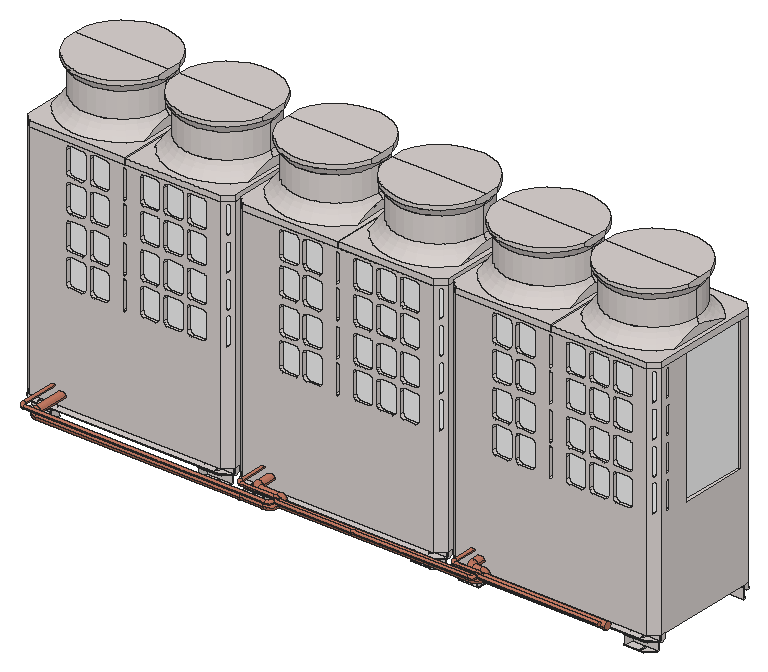
Revit family "PUHY-P1150YSNW-A1", category 機械設備, Revit 2016
Family settings
  パーツ タイプ = 標準
  丸型コネクタ寸法 = 半径を使用
  OmniClass 番号 = 23.75.00.00
  OmniClass タイトル = Climate Control (HVAC)
  作業面に基づく = いいえ
  常に垂直 = はい
  ロード時にボイドで切り取り = いいえ
  共有 = いいえ
  部屋の計算ポイント = いいえ
Parameters (values of type "PUHY-P1150YSNW-A1_415V_60Hz")
  モデル = "PUHY-P1150YSNW-A1"
  Width = 3780.000 mm
  WarrantyStart = ""
  Voltage = 415 V
  Unit Weight (kg) = 831
  URL = "http://www.mitsubishielectric.com/"
  Temp. range of heating (Outdoor temp.) (W.B.) = "-20.0 to 15.5"
  Temp. range of heating (Indoor temp.) (D.B.) = "15.0 to 27.0"
  Temp. range of cooling (Outdoor temp.) (D.B.) = "-5.0 to 52.0"
  Temp. range of cooling (Indoor temp.) (W.B.) = "15.0 to 24.0"
  TagNumber = 0
  Subcategory = "HVAC"
  Space View = yes
  Sound Pressure Level (dB(A)) Heating mode = 71
  Sound Pressure Level (dB(A)) Cooling mode = 69
  SerialNumber = 0
  ReplacementYear = ""
  Refrigerant type = "R410A"
  Refrigerant Charge (kg) = 29.4
  Protection Devices_Inverter circuit (COMP./FAN) = "Over-current protection"
  Protection Devices_High pressure (MPa) = "High pressure sensor, High pressure switch at 4.15"
  Phase = 3
  製造元 = "Mitsubishi Electric Corporation"
  Outdoor unit 3 Breaker size (A) = 40
  Outdoor unit 3 = PUHY-P350YNW-A1 : PUHY-P350YNW-A1
  Outdoor unit 2 Breaker size (A) = 60
  Outdoor unit 2 = PUHY-P400YNW-A1 : PUHY-P400YNW-A1
  Outdoor unit 1 Breaker size (A) = 60
  Outdoor unit 1 = PUHY-P400YNW-A1 : PUHY-P400YNW-A1
  Note_1 = "Refrigerant pipe diameters may change depending on the installation condition. Please refer to the installation manual."
  Maximum Circuit Ampacity (A) = 90.2
  Liquid pipe_radius = 9.525 mm
  InstallationDate = ""
  Indoor Unit Total Capacity = "50 to 130% of outdoor unit capacity"
  Indoor Unit Model/Quantity = "P10 to P250/3 to 50"
  Hertz = 60 Hz
  Height = 1858.000 mm
  Heating SCOP (kW/kW) = 4.03
  Heating Rated Load Ampacity (A) = 56
  Heating Power Input (kW) = 36.25
  Heating Power Input (Nominal) (kW) = 30.51
  Heating Current Input (Nominal) (A) = 47.1
  Heating Current Input (A) = 56
  Heating Capacity (kW) = 145
  Heating Capacity (Nominal) (kW) = 130
  Heating COP (kW/kW) = 4
  Heating COP (Nominal) (kW/kW) = 4.26
  Gas pipe_radius = 20.640 mm
  Fan_Type = "Propeller Fan"
  Fan_Quantity = 6
  Fan Motor Output (kW) = 2.76
  External static pressure (Pa) = 0
  External Finish = "Pre-coated galvanized steel sheets (+powder coating for -BS type) <MUNSELL 3Y 7.8/1.1 or similar>"
  Equip_description = ""
  Equip_No. = 0
  Equip_ID = ""
  Description = ""
  Depth = 740.000 mm
  CreatedOn = ""
  CreatedBy = ""
  Cooling SEER (kW/kW) = 6.38
  Cooling Rated Load Ampacity (A) = 62.5
  Cooling Power Input (kW) = 40.49
  Cooling EER (kW/kW) = 3.21
  Cooling Current Input (A) = 62.5
  Cooling Capacity (kW) = 130
  Compressor_Type = "Inverter scroll hermetic compressor"
  Compressor_Quantity = 3
  Compressor_Lubricant = "MEL32"
  Compressor Motor Output (kW) = 31.4
  Category = ""
  Barcode = ""
  AssetIdentifier = ""
  Airflow Rate (m3/min) = 870
  Airflow Rate (m3/h) = 52200
Reference planes
  plane 1 "Center (Front/Back)": y = 0
  plane 2: z = 0
  plane 3: z = 1710
  plane 4: z = 60
  plane 5: y = 370
  plane 6 "front": y = -370
  plane 7: x = -1890
  plane 8: x = -620
  plane 9: x = 620
  plane 10: x = -650
  plane 11: x = 650
  plane 12: y = 370
  plane 13: y = -370
  plane 14: z = 1858
  plane 15: x = 1890
  plane 16: x = 0
Forms (mm)
  Sweep 1, solid, material "Copper"
    path origin (137.855, 17.925, 192.255) x (0, -1, 0) y (1, 0, 0)
      loop
        line (380, -1839.039) -> (605, -1839.039)
        arc (605, -1839.039) -> (626.213, -1830.253) -> (635, -1809.039) r 30
        line (635, -1809.039) -> (635, -368.337)
        arc (635, -368.337) -> (629.142, -354.195) -> (615, -348.337) r 20
        line (615, -348.337) -> (590, -348.337)
        arc (590, -348.337) -> (575.858, -354.195) -> (570, -368.337) r 20
        line (570, -368.337) -> (570, -568.337)
        arc (570, -568.337) -> (564.142, -582.479) -> (550, -588.337) r 20
        line (550, -588.337) -> (380, -588.337)
    profile origin (-1701.184, -474.575, 192.255) x (1, 0, 0) y (0, 0, 1)
      loop
        circle (0, 0) r 9.525
  Sweep 2, solid, material "Copper"
    path origin (111.295, 17.925, 158.255) x (-1, 0, 0) y (0, -1, 0)
      loop
        line (1758.141, 380) -> (1758.141, 575)
        arc (1758.141, 575) -> (1747.889, 599.749) -> (1723.141, 610) r 35
        line (1723.141, 610) -> (502, 610) -> (364.723, 610)
        arc (364.723, 610) -> (339.974, 599.749) -> (329.723, 575) r 35
        line (329.723, 575) -> (329.723, 545)
        arc (329.723, 545) -> (339.974, 520.251) -> (364.723, 510) r 35
        line (364.723, 510) -> (475.673, 510)
        arc (475.673, 510) -> (500.421, 499.749) -> (510.673, 475) r 35
        line (510.673, 475) -> (510.673, 380)
    profile origin (-1646.846, -459.575, 158.255) x (1, 0, 0) y (0, 0, 1)
      loop
        circle (0, 0) r 20.64
  Sweep 3, solid, material "Copper"
    path origin (214.685, 17.925, 192.255) x (0, -1, 0) y (1, 0, 0)
      loop
        line (605, -426.689) -> (605, 43.311) -> (605, 737.327)
        arc (605, 737.327) -> (599.142, 751.469) -> (585, 757.327) r 20
        line (585, 757.327) -> (560.96, 757.327)
        arc (560.96, 757.327) -> (546.818, 751.469) -> (540.96, 737.327) r 20
        line (540.96, 737.327) -> (540.96, 607.327)
        arc (540.96, 607.327) -> (535.102, 593.185) -> (520.96, 587.327) r 20
        line (520.96, 587.327) -> (380, 587.327)
    profile origin (22.996, -587.075, 192.255) x (0, 1, 0) y (0, 0, 1)
      loop
        circle (0, 0) r 9.525
  Sweep 4, solid, material "Copper"
    path origin (188.125, 17.925, 158.255) x (-1, 0, 0) y (0, -1, 0)
      loop
        line (406.853, 555.96) -> (-741.149, 555.96)
        arc (-741.149, 555.96) -> (-765.897, 545.709) -> (-776.149, 520.96) r 35
        line (-776.149, 520.96) -> (-776.149, 510)
        arc (-776.149, 510) -> (-765.897, 485.251) -> (-741.149, 475) r 35
        line (-741.149, 475) -> (-696.149, 475)
        arc (-696.149, 475) -> (-671.4, 464.749) -> (-661.149, 440) r 35
        line (-661.149, 440) -> (-661.149, 380)
    profile origin (355.273, -538.035, 158.255) x (0, 1, 0) y (0, 0, 1)
      loop
        circle (0, 0) r 20.64
  Sweep 5, solid, material "Copper"
    path origin (249.685, 17.925, 192.255) x (0, -1, 0) y (1, 0, 0)
      loop
        line (572.806, 727.767) -> (572.806, 1455.315)
    profile origin (1341.226, -554.881, 192.255) x (0, 1, 0) y (0, 0, 1)
      loop
        circle (0, 0) r 9.525
  Sweep 6, solid, material "Copper"
    path origin (228.125, 17.925, 158.255) x (-1, 0, 0) y (0, -1, 0)
      loop
        line (-749.534, 515.995) -> (-1481.875, 515.995)
    profile origin (1343.83, -498.07, 158.255) x (0, 1, 0) y (0, 0, 1)
      loop
        circle (0, 0) r 20.64
Dimensions and locks
  nested 2 to nested 1 = 30.000 mm
  nested 1 to nested 1 = 1240.000 mm
  nested 2 to nested 2 = 1240.000 mm
  plane 9 to plane 11 to plane 15 = 30.000 mm, 1240.000 mm
  "Liquid pipe_radius": radius of Sweep 5 sketch curve
  "Gas pipe_radius": radius of Sweep 6 sketch curve
  aligned and locked: level to plane 2
Automatic sketch dimensions
  Sweep 1 sketch curve to plane 6 "front" = 7.925 mm  (x2)
  plane 6 "front" to Sweep 1 sketch curve = 162.075 mm
  Sweep 1 sketch curve to Sweep 1 sketch curve = 20.000 mm  (x2)
  plane 6 "front" to Sweep 1 sketch curve = 217.075 mm
  Sweep 1 sketch curve to Sweep 1 sketch curve = 25.000 mm
  Sweep 1 sketch curve to Sweep 1 sketch curve = 30.000 mm
  profile plane to Sweep 1 sketch curve = 0.000 mm
  Sweep 1 sketch curve to profile plane = 0.000 mm
  Sweep 2 sketch curve to Sweep 2 sketch curve = 35.000 mm  (x4)
  plane 6 "front" to Sweep 2 sketch curve = 222.075 mm
  Sweep 2 sketch curve to Sweep 2 sketch curve = 30.000 mm
  Sweep 2 sketch curve to plane 6 "front" = 7.925 mm  (x2)
  profile plane to Sweep 2 sketch curve = 0.000 mm
  Sweep 2 sketch curve to profile plane = 0.000 mm
  Sweep 3 sketch curve to profile plane = 0.000 mm  (x2)
  plane 6 "front" to Sweep 4 sketch curve = 122.075 mm
  plane 6 "front" to Sweep 4 sketch curve = 87.075 mm
  Sweep 4 sketch curve to Sweep 4 sketch curve = 0.000 mm
  Sweep 4 sketch curve to Sweep 4 sketch curve = 45.000 mm
  plane 6 "front" to Sweep 4 sketch curve = 52.075 mm
  Sweep 4 sketch curve to Sweep 4 sketch curve = 60.000 mm
  Sweep 4 sketch curve to Sweep 4 sketch curve = 10.960 mm
  Sweep 4 sketch curve to profile plane = 0.000 mm  (x2)
  Sweep 3 sketch curve to plane 6 "front" = 7.925 mm
  plane 6 "front" to Sweep 3 sketch curve = 133.035 mm
  Sweep 3 sketch curve to Sweep 3 sketch curve = 20.000 mm  (x2)
  Sweep 3 sketch curve to Sweep 3 sketch curve = 24.040 mm
  plane 6 "front" to Sweep 3 sketch curve = 217.075 mm
  Sweep 3 sketch curve to Sweep 3 sketch curve = 470.000 mm
  Sweep 3 sketch curve to Sweep 3 sketch curve = 544.016 mm
  Sweep 3 sketch curve to Sweep 3 sketch curve = 130.000 mm
  Sweep 1 sketch curve to Sweep 1 sketch curve = 1220.702 mm
  Sweep 2 sketch curve to Sweep 2 sketch curve = 1212.468 mm
  Sweep 4 sketch curve to Sweep 4 sketch curve = 1068.002 mm
  plane 6 "front" to Sweep 5 sketch curve = 184.881 mm
  plane 6 "front" to Sweep 6 sketch curve = 128.070 mm
  Sweep 5 sketch curve to profile plane = 0.000 mm  (x2)
  Sweep 6 sketch curve to profile plane = 0.000 mm  (x2)
  plane 11 to Sweep 5 sketch curve = 327.453 mm
  Sweep 5 sketch curve to Sweep 5 sketch curve = 727.547 mm
  plane 11 to Sweep 6 sketch curve = 1060.000 mm
  plane 11 to Sweep 6 sketch curve = 327.659 mm
  plane 7 to Sweep 1 sketch curve = 188.816 mm
  Sweep 1 sketch curve to Sweep 1 sketch curve = 200.000 mm
  Sweep 2 sketch curve to plane 16 = 218.427 mm
  Sweep 2 sketch curve to Sweep 2 sketch curve = 110.950 mm
  Sweep 2 sketch curve to Sweep 2 sketch curve = 26.327 mm
  plane 16 to Sweep 3 sketch curve = 257.996 mm
  plane 11 to Sweep 4 sketch curve = 314.274 mm
  radius of Sweep 1 sketch curve = 9.525 mm
  radius of Sweep 2 sketch curve = 20.640 mm
  radius of Sweep 3 sketch curve = 9.525 mm
  radius of Sweep 4 sketch curve = 20.640 mm
Nested families
  nested 1: "PUHY-P400YNW-A1" at (0, 0, 0), type <- "Outdoor unit 2", type "PUHY-P400YNW-A1"
  nested 2: "PUHY-P400YNW-A1" at (-1270, 0, 0), type <- "Outdoor unit 1", type "PUHY-P400YNW-A1"
  nested 3: "PUHY-P350YNW-A1" at (1270, 0, 0), type <- "Outdoor unit 3", type "PUHY-P350YNW-A1"
Connectors
  piping at (1710, -498.07, 158.255), diameter 41.28, driven by "Gas pipe_radius"
    settings: on Sweep 6, index 1, connector inside diameter 41.28 mm, connector length 0.000 mm, flow factor 0, pipe flow 0.0 L/s, pressure drop 0.0 Pa, fitting loss kfactor 0, connector angle 0.00°, fixture units 0, engagement length 0.000 mm, angle of deflection 0.00°, flow configuration 0, flow direction 0, fitting loss method 0, system type 22, joint type 0, gender type 0, connector reference index -1, connector utility 0, adjustable connector no, is connector primary yes, connector description "Indoor unit-Twinning pipe(Gas)"
  piping at (1705, -554.881, 192.255), diameter 19.05, driven by "Liquid pipe_radius"
    settings: on Sweep 5, index 2, connector inside diameter 19.05 mm, connector length 0.000 mm, flow factor 0, pipe flow 0.0 L/s, pressure drop 0.0 Pa, fitting loss kfactor 0, connector angle 0.00°, fixture units 0, engagement length 0.000 mm, angle of deflection 0.00°, flow configuration 0, flow direction 0, fitting loss method 0, system type 22, joint type 0, gender type 0, connector reference index -1, connector utility 0, adjustable connector no, is connector primary no, connector description "Indoor unit-Twinning pipe(Liquid)"
  electrical at (992, -370, 279), driven by "Phase", driven by "Voltage"
    settings: index 3, voltage 415 V, apparent load 0 VA, apparent load phase1 0 VA, apparent load phase2 0 VA, apparent load phase3 0 VA, power factor 1, load classification "HVAC", number of poles 3, system type 30, power factor state 1, is connector primary yes, connector utility no, sub classification motor no, connector description ""
  electrical at (-258, -370, 279), driven by "Phase", driven by "Voltage"
    settings: index 4, voltage 415 V, apparent load 0 VA, apparent load phase1 0 VA, apparent load phase2 0 VA, apparent load phase3 0 VA, power factor 1, load classification "HVAC", number of poles 3, system type 30, power factor state 1, is connector primary no, connector utility no, sub classification motor no, connector description ""
  electrical at (-1508, -370, 279), driven by "Phase", driven by "Voltage"
    settings: index 5, voltage 415 V, apparent load 0 VA, apparent load phase1 0 VA, apparent load phase2 0 VA, apparent load phase3 0 VA, power factor 1, load classification "HVAC", number of poles 3, system type 30, power factor state 1, is connector primary no, connector utility no, sub classification motor no, connector description ""
Definition of nested family "PUHY-P400YNW-A1"
  Parameters
    Model = "PUHY-P400YNW-A"
    URL = "http://www.mitsubishielectric.com/"
    Manufacturer = "Mitsubishi Electric Corporation"
    Liquid pipe_radius = 12.700 mm
    Gas pipe_radius = 14.290 mm
  Reference planes
    plane 1 "Center (Front/Back)": y = 0
    plane 2: z = 0
    plane 3 "Center (Left/Right)": x = 0
    plane 4: y = 370
    plane 5: z = 1858
    plane 6: y = -260
    plane 7: y = -204
    plane 8: y = -185
    plane 9: x = -620
    plane 10: x = 620
    plane 11: x = -620
    plane 12: z = 716
    plane 13: x = -524
    plane 14: z = 669
    plane 15: x = -50.5
    plane 16: x = 51
    plane 17: x = 489
    plane 18: x = 467
    plane 19 "132": x = 488
    plane 20 "100": z = 160
    plane 21: z = 185
    plane 22: x = 413
    plane 23: x = 364
    plane 24: z = 150
    plane 25: x = -287.25
    plane 26: x = -137.25
    plane 27: x = -272.25
    plane 28: y = -278
    plane 29: z = 1509
    plane 30: y = -370
    plane 31: x = -530
    plane 32: x = 530
    plane 33 "179": y = -191
  Forms (mm)
    Extrusion 1, solid
      sketch origin (-1, 0, 113) x (-1, 0, 0) y (0, -1, 0)
        loop
          line (569, -370) -> (619, -320) -> (619, 320) -> (569, 370) -> (-571, 370) -> (-621, 320) -> (-621, -320) -> (-571, -370) -> (569, -370)
      from -18 to 1408
    Extrusion 2, void
      sketch origin (524, -370, 113) x (1, 0, 0) y (0, 0, -1)
        loop
          arc (-60.8, -1393.5) -> (-42.557, -1385.943) -> (-35, -1367.7) r 25.8
          line (-35, -1367.7) -> (-35, -1248.5)
          arc (-35, -1248.5) -> (-42.557, -1230.257) -> (-60.8, -1222.7) r 25.8
          line (-60.8, -1222.7) -> (-126, -1222.7)
          arc (-126, -1222.7) -> (-144.243, -1230.257) -> (-151.8, -1248.5) r 25.8
          line (-151.8, -1248.5) -> (-151.8, -1367.7)
          arc (-151.8, -1367.7) -> (-144.243, -1385.943) -> (-126, -1393.5) r 25.8
          line (-126, -1393.5) -> (-60.8, -1393.5)
      from 0 to 20
    Extrusion 3, void
      sketch origin (524, -370, -81) x (1, 0, 0) y (0, 0, -1)
        loop
          arc (-60.8, -1393.5) -> (-42.557, -1385.943) -> (-35, -1367.7) r 25.8
          line (-35, -1367.7) -> (-35, -1248.5)
          arc (-35, -1248.5) -> (-42.557, -1230.257) -> (-60.8, -1222.7) r 25.8
          line (-60.8, -1222.7) -> (-126, -1222.7)
          arc (-126, -1222.7) -> (-144.243, -1230.257) -> (-151.8, -1248.5) r 25.8
          line (-151.8, -1248.5) -> (-151.8, -1367.7)
          arc (-151.8, -1367.7) -> (-144.243, -1385.943) -> (-126, -1393.5) r 25.8
          line (-126, -1393.5) -> (-60.8, -1393.5)
      from 0 to 20
    Extrusion 4, void
      sketch origin (524, -370, -287) x (1, 0, 0) y (0, 0, -1)
        loop
          arc (-60.8, -1393.5) -> (-42.557, -1385.943) -> (-35, -1367.7) r 25.8
          line (-35, -1367.7) -> (-35, -1248.5)
          arc (-35, -1248.5) -> (-42.557, -1230.257) -> (-60.8, -1222.7) r 25.8
          line (-60.8, -1222.7) -> (-126, -1222.7)
          arc (-126, -1222.7) -> (-144.243, -1230.257) -> (-151.8, -1248.5) r 25.8
          line (-151.8, -1248.5) -> (-151.8, -1367.7)
          arc (-151.8, -1367.7) -> (-144.243, -1385.943) -> (-126, -1393.5) r 25.8
          line (-126, -1393.5) -> (-60.8, -1393.5)
      from 0 to 20
    Extrusion 5, void
      sketch origin (524, -370, -481) x (1, 0, 0) y (0, 0, -1)
        loop
          arc (-60.8, -1393.5) -> (-42.557, -1385.943) -> (-35, -1367.7) r 25.8
          line (-35, -1367.7) -> (-35, -1248.5)
          arc (-35, -1248.5) -> (-42.557, -1230.257) -> (-60.8, -1222.7) r 25.8
          line (-60.8, -1222.7) -> (-126, -1222.7)
          arc (-126, -1222.7) -> (-144.243, -1230.257) -> (-151.8, -1248.5) r 25.8
          line (-151.8, -1248.5) -> (-151.8, -1367.7)
          arc (-151.8, -1367.7) -> (-144.243, -1385.943) -> (-126, -1393.5) r 25.8
          line (-126, -1393.5) -> (-60.8, -1393.5)
      from 0 to 20
    Extrusion 6, void
      sketch origin (384, -370, 113) x (1, 0, 0) y (0, 0, -1)
        loop
          arc (-60.8, -1393.5) -> (-42.557, -1385.943) -> (-35, -1367.7) r 25.8
          line (-35, -1367.7) -> (-35, -1248.5)
          arc (-35, -1248.5) -> (-42.557, -1230.257) -> (-60.8, -1222.7) r 25.8
          line (-60.8, -1222.7) -> (-126, -1222.7)
          arc (-126, -1222.7) -> (-144.243, -1230.257) -> (-151.8, -1248.5) r 25.8
          line (-151.8, -1248.5) -> (-151.8, -1367.7)
          arc (-151.8, -1367.7) -> (-144.243, -1385.943) -> (-126, -1393.5) r 25.8
          line (-126, -1393.5) -> (-60.8, -1393.5)
      from 0 to 20
    Extrusion 7, void
      sketch origin (384, -370, -81) x (1, 0, 0) y (0, 0, -1)
        loop
          arc (-60.8, -1393.5) -> (-42.557, -1385.943) -> (-35, -1367.7) r 25.8
          line (-35, -1367.7) -> (-35, -1248.5)
          arc (-35, -1248.5) -> (-42.557, -1230.257) -> (-60.8, -1222.7) r 25.8
          line (-60.8, -1222.7) -> (-126, -1222.7)
          arc (-126, -1222.7) -> (-144.243, -1230.257) -> (-151.8, -1248.5) r 25.8
          line (-151.8, -1248.5) -> (-151.8, -1367.7)
          arc (-151.8, -1367.7) -> (-144.243, -1385.943) -> (-126, -1393.5) r 25.8
          line (-126, -1393.5) -> (-60.8, -1393.5)
      from 0 to 20
    Extrusion 8, void
      sketch origin (384, -370, -287) x (1, 0, 0) y (0, 0, -1)
        loop
          arc (-60.8, -1393.5) -> (-42.557, -1385.943) -> (-35, -1367.7) r 25.8
          line (-35, -1367.7) -> (-35, -1248.5)
          arc (-35, -1248.5) -> (-42.557, -1230.257) -> (-60.8, -1222.7) r 25.8
          line (-60.8, -1222.7) -> (-126, -1222.7)
          arc (-126, -1222.7) -> (-144.243, -1230.257) -> (-151.8, -1248.5) r 25.8
          line (-151.8, -1248.5) -> (-151.8, -1367.7)
          arc (-151.8, -1367.7) -> (-144.243, -1385.943) -> (-126, -1393.5) r 25.8
          line (-126, -1393.5) -> (-60.8, -1393.5)
      from 0 to 20
    Extrusion 9, void
      sketch origin (384, -370, -481) x (1, 0, 0) y (0, 0, -1)
        loop
          arc (-60.8, -1393.5) -> (-42.557, -1385.943) -> (-35, -1367.7) r 25.8
          line (-35, -1367.7) -> (-35, -1248.5)
          arc (-35, -1248.5) -> (-42.557, -1230.257) -> (-60.8, -1222.7) r 25.8
          line (-60.8, -1222.7) -> (-126, -1222.7)
          arc (-126, -1222.7) -> (-144.243, -1230.257) -> (-151.8, -1248.5) r 25.8
          line (-151.8, -1248.5) -> (-151.8, -1367.7)
          arc (-151.8, -1367.7) -> (-144.243, -1385.943) -> (-126, -1393.5) r 25.8
          line (-126, -1393.5) -> (-60.8, -1393.5)
      from 0 to 20
    Extrusion 10, void
      sketch origin (244, -370, 113) x (1, 0, 0) y (0, 0, -1)
        loop
          arc (-60.8, -1393.5) -> (-42.557, -1385.943) -> (-35, -1367.7) r 25.8
          line (-35, -1367.7) -> (-35, -1248.5)
          arc (-35, -1248.5) -> (-42.557, -1230.257) -> (-60.8, -1222.7) r 25.8
          line (-60.8, -1222.7) -> (-126, -1222.7)
          arc (-126, -1222.7) -> (-144.243, -1230.257) -> (-151.8, -1248.5) r 25.8
          line (-151.8, -1248.5) -> (-151.8, -1367.7)
          arc (-151.8, -1367.7) -> (-144.243, -1385.943) -> (-126, -1393.5) r 25.8
          line (-126, -1393.5) -> (-60.8, -1393.5)
      from 0 to 20
    Extrusion 11, void
      sketch origin (244, -370, -81) x (1, 0, 0) y (0, 0, -1)
        loop
          arc (-60.8, -1393.5) -> (-42.557, -1385.943) -> (-35, -1367.7) r 25.8
          line (-35, -1367.7) -> (-35, -1248.5)
          arc (-35, -1248.5) -> (-42.557, -1230.257) -> (-60.8, -1222.7) r 25.8
          line (-60.8, -1222.7) -> (-126, -1222.7)
          arc (-126, -1222.7) -> (-144.243, -1230.257) -> (-151.8, -1248.5) r 25.8
          line (-151.8, -1248.5) -> (-151.8, -1367.7)
          arc (-151.8, -1367.7) -> (-144.243, -1385.943) -> (-126, -1393.5) r 25.8
          line (-126, -1393.5) -> (-60.8, -1393.5)
      from 0 to 20
    Extrusion 12, void
      sketch origin (244, -370, -287) x (1, 0, 0) y (0, 0, -1)
        loop
          arc (-60.8, -1393.5) -> (-42.557, -1385.943) -> (-35, -1367.7) r 25.8
          line (-35, -1367.7) -> (-35, -1248.5)
          arc (-35, -1248.5) -> (-42.557, -1230.257) -> (-60.8, -1222.7) r 25.8
          line (-60.8, -1222.7) -> (-126, -1222.7)
          arc (-126, -1222.7) -> (-144.243, -1230.257) -> (-151.8, -1248.5) r 25.8
          line (-151.8, -1248.5) -> (-151.8, -1367.7)
          arc (-151.8, -1367.7) -> (-144.243, -1385.943) -> (-126, -1393.5) r 25.8
          line (-126, -1393.5) -> (-60.8, -1393.5)
      from 0 to 20
    Extrusion 13, void
      sketch origin (244, -370, -481) x (1, 0, 0) y (0, 0, -1)
        loop
          arc (-60.8, -1393.5) -> (-42.557, -1385.943) -> (-35, -1367.7) r 25.8
          line (-35, -1367.7) -> (-35, -1248.5)
          arc (-35, -1248.5) -> (-42.557, -1230.257) -> (-60.8, -1222.7) r 25.8
          line (-60.8, -1222.7) -> (-126, -1222.7)
          arc (-126, -1222.7) -> (-144.243, -1230.257) -> (-151.8, -1248.5) r 25.8
          line (-151.8, -1248.5) -> (-151.8, -1367.7)
          arc (-151.8, -1367.7) -> (-144.243, -1385.943) -> (-126, -1393.5) r 25.8
          line (-126, -1393.5) -> (-60.8, -1393.5)
      from 0 to 20
    Extrusion 14, void
      sketch origin (-56, -370, 113) x (1, 0, 0) y (0, 0, -1)
        loop
          arc (-60.8, -1393.5) -> (-42.557, -1385.943) -> (-35, -1367.7) r 25.8
          line (-35, -1367.7) -> (-35, -1248.5)
          arc (-35, -1248.5) -> (-42.557, -1230.257) -> (-60.8, -1222.7) r 25.8
          line (-60.8, -1222.7) -> (-126, -1222.7)
          arc (-126, -1222.7) -> (-144.243, -1230.257) -> (-151.8, -1248.5) r 25.8
          line (-151.8, -1248.5) -> (-151.8, -1367.7)
          arc (-151.8, -1367.7) -> (-144.243, -1385.943) -> (-126, -1393.5) r 25.8
          line (-126, -1393.5) -> (-60.8, -1393.5)
      from 0 to 20
    Extrusion 15, void
      sketch origin (-56, -370, -81) x (1, 0, 0) y (0, 0, -1)
        loop
          arc (-60.8, -1393.5) -> (-42.557, -1385.943) -> (-35, -1367.7) r 25.8
          line (-35, -1367.7) -> (-35, -1248.5)
          arc (-35, -1248.5) -> (-42.557, -1230.257) -> (-60.8, -1222.7) r 25.8
          line (-60.8, -1222.7) -> (-126, -1222.7)
          arc (-126, -1222.7) -> (-144.243, -1230.257) -> (-151.8, -1248.5) r 25.8
          line (-151.8, -1248.5) -> (-151.8, -1367.7)
          arc (-151.8, -1367.7) -> (-144.243, -1385.943) -> (-126, -1393.5) r 25.8
          line (-126, -1393.5) -> (-60.8, -1393.5)
      from 0 to 20
    Extrusion 16, void
      sketch origin (-56, -370, -287) x (1, 0, 0) y (0, 0, -1)
        loop
          arc (-60.8, -1393.5) -> (-42.557, -1385.943) -> (-35, -1367.7) r 25.8
          line (-35, -1367.7) -> (-35, -1248.5)
          arc (-35, -1248.5) -> (-42.557, -1230.257) -> (-60.8, -1222.7) r 25.8
          line (-60.8, -1222.7) -> (-126, -1222.7)
          arc (-126, -1222.7) -> (-144.243, -1230.257) -> (-151.8, -1248.5) r 25.8
          line (-151.8, -1248.5) -> (-151.8, -1367.7)
          arc (-151.8, -1367.7) -> (-144.243, -1385.943) -> (-126, -1393.5) r 25.8
          line (-126, -1393.5) -> (-60.8, -1393.5)
      from 0 to 20
    Extrusion 17, void
      sketch origin (-56, -370, -481) x (1, 0, 0) y (0, 0, -1)
        loop
          arc (-60.8, -1393.5) -> (-42.557, -1385.943) -> (-35, -1367.7) r 25.8
          line (-35, -1367.7) -> (-35, -1248.5)
          arc (-35, -1248.5) -> (-42.557, -1230.257) -> (-60.8, -1222.7) r 25.8
          line (-60.8, -1222.7) -> (-126, -1222.7)
          arc (-126, -1222.7) -> (-144.243, -1230.257) -> (-151.8, -1248.5) r 25.8
          line (-151.8, -1248.5) -> (-151.8, -1367.7)
          arc (-151.8, -1367.7) -> (-144.243, -1385.943) -> (-126, -1393.5) r 25.8
          line (-126, -1393.5) -> (-60.8, -1393.5)
      from 0 to 20
    Extrusion 18, void
      sketch origin (-196, -370, 113) x (1, 0, 0) y (0, 0, -1)
        loop
          arc (-60.8, -1393.5) -> (-42.557, -1385.943) -> (-35, -1367.7) r 25.8
          line (-35, -1367.7) -> (-35, -1248.5)
          arc (-35, -1248.5) -> (-42.557, -1230.257) -> (-60.8, -1222.7) r 25.8
          line (-60.8, -1222.7) -> (-126, -1222.7)
          arc (-126, -1222.7) -> (-144.243, -1230.257) -> (-151.8, -1248.5) r 25.8
          line (-151.8, -1248.5) -> (-151.8, -1367.7)
          arc (-151.8, -1367.7) -> (-144.243, -1385.943) -> (-126, -1393.5) r 25.8
          line (-126, -1393.5) -> (-60.8, -1393.5)
      from 0 to 20
    Extrusion 19, void
      sketch origin (-196, -370, -81) x (1, 0, 0) y (0, 0, -1)
        loop
          arc (-60.8, -1393.5) -> (-42.557, -1385.943) -> (-35, -1367.7) r 25.8
          line (-35, -1367.7) -> (-35, -1248.5)
          arc (-35, -1248.5) -> (-42.557, -1230.257) -> (-60.8, -1222.7) r 25.8
          line (-60.8, -1222.7) -> (-126, -1222.7)
          arc (-126, -1222.7) -> (-144.243, -1230.257) -> (-151.8, -1248.5) r 25.8
          line (-151.8, -1248.5) -> (-151.8, -1367.7)
          arc (-151.8, -1367.7) -> (-144.243, -1385.943) -> (-126, -1393.5) r 25.8
          line (-126, -1393.5) -> (-60.8, -1393.5)
      from 0 to 20
    Extrusion 20, void
      sketch origin (-196, -370, -287) x (1, 0, 0) y (0, 0, -1)
        loop
          arc (-60.8, -1393.5) -> (-42.557, -1385.943) -> (-35, -1367.7) r 25.8
          line (-35, -1367.7) -> (-35, -1248.5)
          arc (-35, -1248.5) -> (-42.557, -1230.257) -> (-60.8, -1222.7) r 25.8
          line (-60.8, -1222.7) -> (-126, -1222.7)
          arc (-126, -1222.7) -> (-144.243, -1230.257) -> (-151.8, -1248.5) r 25.8
          line (-151.8, -1248.5) -> (-151.8, -1367.7)
          arc (-151.8, -1367.7) -> (-144.243, -1385.943) -> (-126, -1393.5) r 25.8
          line (-126, -1393.5) -> (-60.8, -1393.5)
      from 0 to 20
    Extrusion 21, void
      sketch origin (-196, -370, -481) x (1, 0, 0) y (0, 0, -1)
        loop
          arc (-60.8, -1393.5) -> (-42.557, -1385.943) -> (-35, -1367.7) r 25.8
          line (-35, -1367.7) -> (-35, -1248.5)
          arc (-35, -1248.5) -> (-42.557, -1230.257) -> (-60.8, -1222.7) r 25.8
          line (-60.8, -1222.7) -> (-126, -1222.7)
          arc (-126, -1222.7) -> (-144.243, -1230.257) -> (-151.8, -1248.5) r 25.8
          line (-151.8, -1248.5) -> (-151.8, -1367.7)
          arc (-151.8, -1367.7) -> (-144.243, -1385.943) -> (-126, -1393.5) r 25.8
          line (-126, -1393.5) -> (-60.8, -1393.5)
      from 0 to 20
    Extrusion 22, void
      sketch origin (620, 320, 113) x (0, 1, 0) y (0, 0, -1)
        loop
          line (-462.3, -1408) -> (-50.8, -1408) -> (-50.8, -612) -> (-462.3, -612) -> (-462.3, -1408)
      from 0 to 20
    Extrusion 23, void
      sketch origin (-620, -320, 113) x (0, -1, 0) y (0, 0, -1)
        loop
          line (-535.7, -1408) -> (-207.7, -1408) -> (-207.7, -592) -> (-535.7, -592) -> (-535.7, -1408)
      from 0 to 20
    Extrusion 24, void
      sketch origin (194.892, 370, 113) x (-1, 0, 0) y (0, 0, -1)
        loop
          arc (204.892, -1225.013) -> (194.892, -1215.013) -> (184.892, -1225.013) r 10
          line (184.892, -1225.013) -> (184.892, -1379.987)
          arc (184.892, -1379.987) -> (194.892, -1389.987) -> (204.892, -1379.987) r 10
          line (204.892, -1379.987) -> (204.892, -1225.013)
        loop
          arc (204.892, -1031.013) -> (194.892, -1021.013) -> (184.892, -1031.013) r 10
          line (184.892, -1031.013) -> (184.892, -1185.987)
          arc (184.892, -1185.987) -> (194.892, -1195.987) -> (204.892, -1185.987) r 10
          line (204.892, -1185.987) -> (204.892, -1031.013)
        loop
          arc (204.892, -825.013) -> (194.892, -815.013) -> (184.892, -825.013) r 10
          line (184.892, -825.013) -> (184.892, -979.987)
          arc (184.892, -979.987) -> (194.892, -989.987) -> (204.892, -979.987) r 10
          line (204.892, -979.987) -> (204.892, -825.013)
        loop
          arc (204.892, -631.013) -> (194.892, -621.013) -> (184.892, -631.013) r 10
          line (184.892, -631.013) -> (184.892, -785.987)
          arc (184.892, -785.987) -> (194.892, -795.987) -> (204.892, -785.987) r 10
          line (204.892, -785.987) -> (204.892, -631.013)
      from 0 to 20
    Extrusion 25, void
      sketch origin (-570, 370, 113) x (0.707107, 0.707107, 0) y (0, 0, 1)
        loop
          arc (-45.355, 1236) -> (-35.355, 1226) -> (-25.355, 1236) r 10
          line (-25.355, 1236) -> (-25.355, 1386)
          arc (-25.355, 1386) -> (-35.355, 1396) -> (-45.355, 1386) r 10
          line (-45.355, 1386) -> (-45.355, 1236)
        loop
          arc (-45.355, 1036) -> (-35.355, 1026) -> (-25.355, 1036) r 10
          line (-25.355, 1036) -> (-25.355, 1186)
          arc (-25.355, 1186) -> (-35.355, 1196) -> (-45.355, 1186) r 10
          line (-45.355, 1186) -> (-45.355, 1036)
        loop
          arc (-45.355, 836) -> (-35.355, 826) -> (-25.355, 836) r 10
          line (-25.355, 836) -> (-25.355, 986)
          arc (-25.355, 986) -> (-35.355, 996) -> (-45.355, 986) r 10
          line (-45.355, 986) -> (-45.355, 836)
        loop
          arc (-45.355, 641) -> (-35.355, 631) -> (-25.355, 641) r 10
          line (-25.355, 641) -> (-25.355, 791)
          arc (-25.355, 791) -> (-35.355, 801) -> (-45.355, 791) r 10
          line (-45.355, 791) -> (-45.355, 641)
      from 0 to 20
    Extrusion 26, void
      sketch origin (-620, -320, 113) x (0, -1, 0) y (0, 0, -1)
        loop
          line (-607.846, -1035.895) -> (-607.846, -1186.105)
          arc (-607.846, -1186.105) -> (-597.846, -1196.105) -> (-587.846, -1186.105) r 10
          line (-587.846, -1186.105) -> (-587.846, -1035.895)
          arc (-587.846, -1035.895) -> (-597.846, -1025.895) -> (-607.846, -1035.895) r 10
        loop
          line (-607.846, -835.895) -> (-607.846, -986.105)
          arc (-607.846, -986.105) -> (-597.846, -996.105) -> (-587.846, -986.105) r 10
          line (-587.846, -986.105) -> (-587.846, -835.895)
          arc (-587.846, -835.895) -> (-597.846, -825.895) -> (-607.846, -835.895) r 10
        loop
          line (-607.846, -1235.895) -> (-607.846, -1386.105)
          arc (-607.846, -1386.105) -> (-597.846, -1396.105) -> (-587.846, -1386.105) r 10
          line (-587.846, -1386.105) -> (-587.846, -1235.895)
          arc (-587.846, -1235.895) -> (-597.846, -1225.895) -> (-607.846, -1235.895) r 10
        loop
          line (-607.846, -635.895) -> (-607.846, -786.105)
          arc (-607.846, -786.105) -> (-597.846, -796.105) -> (-587.846, -786.105) r 10
          line (-587.846, -786.105) -> (-587.846, -635.895)
          arc (-587.846, -635.895) -> (-597.846, -625.895) -> (-607.846, -635.895) r 10
      from 0 to 20
    Extrusion 27, void
      sketch origin (1079, -370, 113) x (1, 0, 0) y (0, 0, -1)
        loop
          arc (-1089, -1379.975) -> (-1079, -1389.975) -> (-1069, -1379.975) r 10
          line (-1069, -1379.975) -> (-1069, -1225)
          arc (-1069, -1225) -> (-1079, -1215) -> (-1089, -1225) r 10
          line (-1089, -1225) -> (-1089, -1379.975)
        loop
          arc (-1089, -1185.975) -> (-1079, -1195.975) -> (-1069, -1185.975) r 10
          line (-1069, -1185.975) -> (-1069, -1031)
          arc (-1069, -1031) -> (-1079, -1021) -> (-1089, -1031) r 10
          line (-1089, -1031) -> (-1089, -1185.975)
        loop
          arc (-1089, -979.975) -> (-1079, -989.975) -> (-1069, -979.975) r 10
          line (-1069, -979.975) -> (-1069, -825)
          arc (-1069, -825) -> (-1079, -815) -> (-1089, -825) r 10
          line (-1089, -825) -> (-1089, -979.975)
        loop
          arc (-1089, -785.975) -> (-1079, -795.975) -> (-1069, -785.975) r 10
          line (-1069, -785.975) -> (-1069, -631)
          arc (-1069, -631) -> (-1079, -621) -> (-1089, -631) r 10
          line (-1089, -631) -> (-1089, -785.975)
      from 0 to 20
    Extrusion 28, void
      sketch origin (-571, 370, 113) x (-1, 0, 0) y (0, 0, -1)
        loop
          line (-519.5, -1408) -> (-48, -1408) -> (-48, -556) -> (-519.5, -556) -> (-519.5, -1408)
      from 0 to 20
    Extrusion 29, void
      sketch origin (-571, 370, 113) x (-1, 0, 0) y (0, 0, -1)
        loop
          line (-1038, -1408) -> (-622, -1408) -> (-622, -556) -> (-1038, -556) -> (-1038, -1408)
      from 0 to 20
    Extrusion 30, void
      sketch origin (620, 320, 113) x (0, 1, 0) y (0, 0, -1)
        loop
          arc (-588, -1035.791) -> (-598, -1025.791) -> (-608, -1035.791) r 10
          line (-608, -1035.791) -> (-608, -1186)
          arc (-608, -1186) -> (-598, -1196) -> (-588, -1186) r 10
          line (-588, -1186) -> (-588, -1035.791)
        loop
          arc (-588, -835.791) -> (-598, -825.791) -> (-608, -835.791) r 10
          line (-608, -835.791) -> (-608, -986)
          arc (-608, -986) -> (-598, -996) -> (-588, -986) r 10
          line (-588, -986) -> (-588, -835.791)
        loop
          arc (-588, -1235.791) -> (-598, -1225.791) -> (-608, -1235.791) r 10
          line (-608, -1235.791) -> (-608, -1386)
          arc (-608, -1386) -> (-598, -1396) -> (-588, -1386) r 10
          line (-588, -1386) -> (-588, -1235.791)
        loop
          arc (-588, -635.791) -> (-598, -625.791) -> (-608, -635.791) r 10
          line (-608, -635.791) -> (-608, -786)
          arc (-608, -786) -> (-598, -796) -> (-588, -786) r 10
          line (-588, -786) -> (-588, -635.791)
      from 0 to 20
    Extrusion 31, void
      sketch origin (1291.751, 351.751, 113) x (0.707107, 0.707107, 0) y (0, 0, -1)
        loop
          line (-995.311, -1236) -> (-995.311, -1386)
          arc (-995.311, -1386) -> (-985.311, -1396) -> (-975.311, -1386) r 10
          line (-975.311, -1386) -> (-975.311, -1236)
          arc (-975.311, -1236) -> (-985.311, -1226) -> (-995.311, -1236) r 10
        loop
          line (-995.311, -1036) -> (-995.311, -1186)
          arc (-995.311, -1186) -> (-985.311, -1196) -> (-975.311, -1186) r 10
          line (-975.311, -1186) -> (-975.311, -1036)
          arc (-975.311, -1036) -> (-985.311, -1026) -> (-995.311, -1036) r 10
        loop
          line (-995.311, -836) -> (-995.311, -986)
          arc (-995.311, -986) -> (-985.311, -996) -> (-975.311, -986) r 10
          line (-975.311, -986) -> (-975.311, -836)
          arc (-975.311, -836) -> (-985.311, -826) -> (-995.311, -836) r 10
        loop
          line (-995.311, -641) -> (-995.311, -791)
          arc (-995.311, -791) -> (-985.311, -801) -> (-975.311, -791) r 10
          line (-975.311, -791) -> (-975.311, -641)
          arc (-975.311, -641) -> (-985.311, -631) -> (-995.311, -641) r 10
      from 0 to 20
    Extrusion 32, void
      sketch origin (0, -191, 0) x (-1, 0, 0) y (0, 0, 1)
        loop
          circle (460, 176) r 6.35
      from 0 to 78.7
    Extrusion 33, void
      sketch origin (0, -191, 0) x (-1, 0, 0) y (0, 0, 1)
        loop
          circle (377, 176) r 14.29
      from 0 to 78.7
  Cuts and joins
    Extrusion 2, Extrusion 3, Extrusion 4, Extrusion 5, Extrusion 6, Extrusion 7, Extrusion 8, Extrusion 9, Extrusion 10, Extrusion 11, Extrusion 12, Extrusion 13, Extrusion 14, Extrusion 15, Extrusion 16, Extrusion 17, Extrusion 18, Extrusion 19, Extrusion 20, Extrusion 21, Extrusion 22, Extrusion 23, Extrusion 24, Extrusion 25, Extrusion 26, Extrusion 27, Extrusion 28, Extrusion 29, Extrusion 30, Extrusion 31, Extrusion 32, Extrusion 33 cuts Extrusion 1
  Lines and regions (mm)
    model lines
      curve 1: line (-351, -291, 95) -> (-481, -291, 95)
      curve 2: line (-342, -206, 95) -> (-342, -282, 95)
      curve 3: line (-481, -197, 95) -> (-351, -197, 95)
      curve 4: line (-492, -280, 95) -> (-492, -208, 95)
      curve 5: arc (-492, -280, 95) -> (-488.778, -287.778, 95) -> (-481, -291, 95) r 11
      curve 6: arc (-351, -291, 95) -> (-344.636, -288.364, 95) -> (-342, -282, 95) r 9
      curve 7: arc (-342, -206, 95) -> (-344.636, -199.636, 95) -> (-351, -197, 95) r 9
      curve 8: arc (-481, -197, 95) -> (-488.778, -200.222, 95) -> (-492, -208, 95) r 11
      curve 9: line (-30, -370, 1521) -> (-30, -370, 95)
      curve 10: line (30, -370, 1521) -> (30, -370, 95)
      curve 11: line (-485, -370, 215) -> (-357, -370, 215)
      curve 12: line (-495, -370, 141) -> (-495, -370, 205)
      curve 13: line (-357, -370, 131) -> (-485, -370, 131)
      curve 14: line (-347, -370, 205) -> (-347, -370, 141)
      curve 15: arc (-485, -370, 215) -> (-492.071, -370, 212.071) -> (-495, -370, 205) r 10
      curve 16: arc (-495, -370, 141) -> (-492.071, -370, 133.929) -> (-485, -370, 131) r 10
      curve 17: arc (-357, -370, 131) -> (-349.929, -370, 133.929) -> (-347, -370, 141) r 10
      curve 18: arc (-347, -370, 205) -> (-349.929, -370, 212.071) -> (-357, -370, 215) r 10
      curve 19: line (-405, -370, 1521) -> (-405, -370, 716)
      curve 20: line (620, -162.3, 1521) -> (620, -162.3, 95)
      curve 21: line (620, 289.2, 1521) -> (620, 289.2, 95)
      curve 22: line (620, -162.3, 705) -> (620, 289.2, 705)
      curve 23: line (620, -162.3, 725) -> (620, 289.2, 725)
      curve 24: line (620, -76.8, 583) -> (620, 203.2, 583)
      curve 25: line (620, 203.2, 563) -> (620, -76.8, 563)
      curve 26: arc (620, -76.8, 583) -> (620, -83.871, 580.071) -> (620, -86.8, 573) r 10
      curve 27: arc (620, -76.8, 563) -> (620, -83.871, 565.929) -> (620, -86.8, 573) r 10
      curve 28: arc (620, 203.2, 583) -> (620, 210.271, 580.071) -> (620, 213.2, 573) r 10
      curve 29: arc (620, 203.2, 563) -> (620, 210.271, 565.929) -> (620, 213.2, 573) r 10
      curve 30: line (620, -76.8, 478) -> (620, 203.2, 478)
      curve 31: line (620, 203.2, 458) -> (620, -76.8, 458)
      curve 32: arc (620, -76.8, 478) -> (620, -83.871, 475.071) -> (620, -86.8, 468) r 10
      curve 33: arc (620, -76.8, 458) -> (620, -83.871, 460.929) -> (620, -86.8, 468) r 10
      curve 34: arc (620, 203.2, 478) -> (620, 210.271, 475.071) -> (620, 213.2, 468) r 10
      curve 35: arc (620, 203.2, 458) -> (620, 210.271, 460.929) -> (620, 213.2, 468) r 10
      curve 36: line (620, -76.8, 373) -> (620, 203.2, 373)
      curve 37: line (620, 203.2, 353) -> (620, -76.8, 353)
      curve 38: arc (620, -76.8, 373) -> (620, -83.871, 370.071) -> (620, -86.8, 363) r 10
      curve 39: arc (620, -76.8, 353) -> (620, -83.871, 355.929) -> (620, -86.8, 363) r 10
      curve 40: arc (620, 203.2, 373) -> (620, 210.271, 370.071) -> (620, 213.2, 363) r 10
      curve 41: arc (620, 203.2, 353) -> (620, 210.271, 355.929) -> (620, 213.2, 363) r 10
      curve 42: line (620, -76.8, 268) -> (620, 203.2, 268)
      curve 43: line (620, 203.2, 248) -> (620, -76.8, 248)
      curve 44: arc (620, -76.8, 268) -> (620, -83.871, 265.071) -> (620, -86.8, 258) r 10
      curve 45: arc (620, -76.8, 248) -> (620, -83.871, 250.929) -> (620, -86.8, 258) r 10
      curve 46: arc (620, 203.2, 268) -> (620, 210.271, 265.071) -> (620, 213.2, 258) r 10
      curve 47: arc (620, 203.2, 248) -> (620, 210.271, 250.929) -> (620, 213.2, 258) r 10
      curve 48: line (-620, -162.3, 1521) -> (-620, -162.3, 95)
      curve 49: line (-620, 235.7, 1521) -> (-620, 235.7, 95)
      curve 50: line (-620, -112.3, 1521) -> (-620, -112.3, 705)
      curve 51: line (-620, 215.7, 1521) -> (-620, 215.7, 705)
      curve 52: line (-620, 235.7, 705) -> (-620, -162.3, 705)
      curve 53: line (-620, 176.7, 268) -> (-620, -103.3, 268)
      curve 54: line (-620, -103.3, 248) -> (-620, 176.7, 248)
      curve 55: arc (-620, 186.7, 258) -> (-620, 183.771, 265.071) -> (-620, 176.7, 268) r 10
      curve 56: arc (-620, 176.7, 248) -> (-620, 183.771, 250.929) -> (-620, 186.7, 258) r 10
      curve 57: arc (-620, -103.3, 268) -> (-620, -110.371, 265.071) -> (-620, -113.3, 258) r 10
      curve 58: arc (-620, -113.3, 258) -> (-620, -110.371, 250.929) -> (-620, -103.3, 248) r 10
      curve 59: line (-620, 176.7, 373) -> (-620, -103.3, 373)
      curve 60: line (-620, -103.3, 353) -> (-620, 176.7, 353)
      curve 61: arc (-620, 186.7, 363) -> (-620, 183.771, 370.071) -> (-620, 176.7, 373) r 10
      curve 62: arc (-620, 176.7, 353) -> (-620, 183.771, 355.929) -> (-620, 186.7, 363) r 10
      curve 63: arc (-620, -103.3, 373) -> (-620, -110.371, 370.071) -> (-620, -113.3, 363) r 10
      curve 64: arc (-620, -113.3, 363) -> (-620, -110.371, 355.929) -> (-620, -103.3, 353) r 10
      curve 65: line (-620, 176.7, 478) -> (-620, -103.3, 478)
      curve 66: line (-620, -103.3, 458) -> (-620, 176.7, 458)
      curve 67: arc (-620, 186.7, 468) -> (-620, 183.771, 475.071) -> (-620, 176.7, 478) r 10
      curve 68: arc (-620, 176.7, 458) -> (-620, 183.771, 460.929) -> (-620, 186.7, 468) r 10
      curve 69: arc (-620, -103.3, 478) -> (-620, -110.371, 475.071) -> (-620, -113.3, 468) r 10
      curve 70: arc (-620, -113.3, 468) -> (-620, -110.371, 460.929) -> (-620, -103.3, 458) r 10
      curve 71: line (-620, 176.7, 583) -> (-620, -103.3, 583)
      curve 72: line (-620, -103.3, 563) -> (-620, 176.7, 563)
      curve 73: arc (-620, 186.7, 573) -> (-620, 183.771, 580.071) -> (-620, 176.7, 583) r 10
      curve 74: arc (-620, 176.7, 563) -> (-620, 183.771, 565.929) -> (-620, 186.7, 573) r 10
      curve 75: arc (-620, -103.3, 583) -> (-620, -110.371, 580.071) -> (-620, -113.3, 573) r 10
      curve 76: arc (-620, -113.3, 573) -> (-620, -110.371, 565.929) -> (-620, -103.3, 563) r 10
      curve 77: line (-544, 370, 1521) -> (-544, 370, 95)
      curve 78: line (489, 370, 649) -> (30, 370, 649)
      curve 79: line (-30.5, 370, 649) -> (-544, 370, 649)
      curve 80: line (-147.25, 370, 584) -> (-427.25, 370, 584)
      curve 81: line (-427.25, 370, 564) -> (-147.25, 370, 564)
      curve 82: arc (-137.25, 370, 574) -> (-140.179, 370, 581.071) -> (-147.25, 370, 584) r 10
      curve 83: arc (-147.25, 370, 564) -> (-140.179, 370, 566.929) -> (-137.25, 370, 574) r 10
      curve 84: arc (-427.25, 370, 584) -> (-434.321, 370, 581.071) -> (-437.25, 370, 574) r 10
      curve 85: arc (-437.25, 370, 574) -> (-434.321, 370, 566.929) -> (-427.25, 370, 564) r 10
      curve 86: circle (448, -185, 1521) r 15 normal (0, 0, 1)
      curve 87: circle (468, -185, 95) r 26 normal (0, 0, 1)
      curve 88: circle (448, -260, 95) r 32.5 normal (0, 0, 1)
      curve 89: circle (404, -204, 95) r 17 normal (0, 0, 1)
      curve 90: line (-550, -370, 1521) -> (-550, -370, 95)
      curve 91: line (-550, -370, 716) -> (-30, -370, 716)
      curve 92: line (550, -370, 95) -> (550, -370, 1521)
      curve 93: line (30, -370, 716) -> (550, -370, 716)
      curve 94: line (-30.5, 370, 1521) -> (-30.5, 370, 95)
      curve 95: line (30, 370, 1521) -> (30, 370, 95)
      curve 96: line (489, 370, 1521) -> (489, 370, 95)
      curve 97: line (467, 370, 669) -> (467, 370, 649)
      curve 98: line (-352, -370, 223) -> (-550, -370, 223)
      curve 99: line (-342, -370, 213) -> (-342, -370, 95)
      curve 100: arc (-342, -370, 213) -> (-344.929, -370, 220.071) -> (-352, -370, 223) r 10
      curve 101: circle (488, -370, 160) r 32.5 normal (0, -1, 0)
      curve 102: circle (488, -370, 160) r 20 normal (0, -1, 0)
      curve 103: circle (364, -370, 150) r 17 normal (0, -1, 0)
      curve 104: circle (413, -370, 185) r 26 normal (0, -1, 0)
      curve 105: circle (413, -370, 185) r 13.5 normal (0, -1, 0)
      curve 106: line (352, -370, 223) -> (550, -370, 223)
      curve 107: line (342, -370, 213) -> (342, -370, 95)
      curve 108: arc (342, -370, 213) -> (344.929, -370, 220.071) -> (352, -370, 223) r 10
      curve 109: line (-147.25, 370, 479) -> (-427.25, 370, 479)
      curve 110: line (-427.25, 370, 459) -> (-147.25, 370, 459)
      curve 111: arc (-137.25, 370, 469) -> (-140.179, 370, 476.071) -> (-147.25, 370, 479) r 10
      curve 112: arc (-147.25, 370, 459) -> (-140.179, 370, 461.929) -> (-137.25, 370, 469) r 10
      curve 113: arc (-427.25, 370, 479) -> (-434.321, 370, 476.071) -> (-437.25, 370, 469) r 10
      curve 114: arc (-437.25, 370, 469) -> (-434.321, 370, 461.929) -> (-427.25, 370, 459) r 10
      curve 115: line (-147.25, 370, 374) -> (-427.25, 370, 374)
      curve 116: line (-427.25, 370, 354) -> (-147.25, 370, 354)
      curve 117: arc (-137.25, 370, 364) -> (-140.179, 370, 371.071) -> (-147.25, 370, 374) r 10
      curve 118: arc (-147.25, 370, 354) -> (-140.179, 370, 356.929) -> (-137.25, 370, 364) r 10
      curve 119: arc (-427.25, 370, 374) -> (-434.321, 370, 371.071) -> (-437.25, 370, 364) r 10
      curve 120: arc (-437.25, 370, 364) -> (-434.321, 370, 356.929) -> (-427.25, 370, 354) r 10
      curve 121: line (-147.25, 370, 269) -> (-427.25, 370, 269)
      curve 122: line (-427.25, 370, 249) -> (-147.25, 370, 249)
      curve 123: arc (-137.25, 370, 259) -> (-140.179, 370, 266.071) -> (-147.25, 370, 269) r 10
      curve 124: arc (-147.25, 370, 249) -> (-140.179, 370, 251.929) -> (-137.25, 370, 259) r 10
      curve 125: arc (-427.25, 370, 269) -> (-434.321, 370, 266.071) -> (-437.25, 370, 259) r 10
      curve 126: arc (-437.25, 370, 259) -> (-434.321, 370, 251.929) -> (-427.25, 370, 249) r 10
      curve 127: line (399.5, 370, 584) -> (119.5, 370, 584)
      curve 128: line (119.5, 370, 564) -> (399.5, 370, 564)
      curve 129: arc (409.5, 370, 574) -> (406.571, 370, 581.071) -> (399.5, 370, 584) r 10
      curve 130: arc (399.5, 370, 564) -> (406.571, 370, 566.929) -> (409.5, 370, 574) r 10
      curve 131: arc (119.5, 370, 584) -> (112.429, 370, 581.071) -> (109.5, 370, 574) r 10
      curve 132: arc (109.5, 370, 574) -> (112.429, 370, 566.929) -> (119.5, 370, 564) r 10
      curve 133: line (399.5, 370, 479) -> (119.5, 370, 479)
      curve 134: line (119.5, 370, 459) -> (399.5, 370, 459)
      curve 135: arc (409.5, 370, 469) -> (406.571, 370, 476.071) -> (399.5, 370, 479) r 10
      curve 136: arc (399.5, 370, 459) -> (406.571, 370, 461.929) -> (409.5, 370, 469) r 10
      curve 137: arc (119.5, 370, 479) -> (112.429, 370, 476.071) -> (109.5, 370, 469) r 10
      curve 138: arc (109.5, 370, 469) -> (112.429, 370, 461.929) -> (119.5, 370, 459) r 10
      curve 139: line (399.5, 370, 374) -> (119.5, 370, 374)
      curve 140: line (119.5, 370, 354) -> (399.5, 370, 354)
      curve 141: arc (409.5, 370, 364) -> (406.571, 370, 371.071) -> (399.5, 370, 374) r 10
      curve 142: arc (399.5, 370, 354) -> (406.571, 370, 356.929) -> (409.5, 370, 364) r 10
      curve 143: arc (119.5, 370, 374) -> (112.429, 370, 371.071) -> (109.5, 370, 364) r 10
      curve 144: arc (109.5, 370, 364) -> (112.429, 370, 356.929) -> (119.5, 370, 354) r 10
      curve 145: line (399.5, 370, 269) -> (119.5, 370, 269)
      curve 146: line (119.5, 370, 249) -> (399.5, 370, 249)
      curve 147: arc (409.5, 370, 259) -> (406.571, 370, 266.071) -> (399.5, 370, 269) r 10
      curve 148: arc (399.5, 370, 249) -> (406.571, 370, 251.929) -> (409.5, 370, 259) r 10
      curve 149: arc (119.5, 370, 269) -> (112.429, 370, 266.071) -> (109.5, 370, 259) r 10
      curve 150: arc (109.5, 370, 259) -> (112.429, 370, 251.929) -> (119.5, 370, 249) r 10
      curve 151: line (399.5, -370, 584) -> (119.5, -370, 584)
      curve 152: line (119.5, -370, 564) -> (399.5, -370, 564)
      curve 153: arc (409.5, -370, 574) -> (406.571, -370, 581.071) -> (399.5, -370, 584) r 10
      curve 154: arc (399.5, -370, 564) -> (406.571, -370, 566.929) -> (409.5, -370, 574) r 10
      curve 155: arc (119.5, -370, 584) -> (112.429, -370, 581.071) -> (109.5, -370, 574) r 10
      curve 156: arc (109.5, -370, 574) -> (112.429, -370, 566.929) -> (119.5, -370, 564) r 10
      curve 157: line (399.5, -370, 479) -> (119.5, -370, 479)
      curve 158: line (119.5, -370, 459) -> (399.5, -370, 459)
      curve 159: arc (409.5, -370, 469) -> (406.571, -370, 476.071) -> (399.5, -370, 479) r 10
      curve 160: arc (399.5, -370, 459) -> (406.571, -370, 461.929) -> (409.5, -370, 469) r 10
      curve 161: arc (119.5, -370, 479) -> (112.429, -370, 476.071) -> (109.5, -370, 469) r 10
      curve 162: arc (109.5, -370, 469) -> (112.429, -370, 461.929) -> (119.5, -370, 459) r 10
      curve 163: line (399.5, -370, 374) -> (119.5, -370, 374)
      curve 164: line (119.5, -370, 354) -> (399.5, -370, 354)
      curve 165: arc (409.5, -370, 364) -> (406.571, -370, 371.071) -> (399.5, -370, 374) r 10
      curve 166: arc (399.5, -370, 354) -> (406.571, -370, 356.929) -> (409.5, -370, 364) r 10
      curve 167: arc (119.5, -370, 374) -> (112.429, -370, 371.071) -> (109.5, -370, 364) r 10
      curve 168: arc (109.5, -370, 364) -> (112.429, -370, 356.929) -> (119.5, -370, 354) r 10
      curve 169: arc (119.5, -370, 269) -> (112.429, -370, 266.071) -> (109.5, -370, 259) r 10
      curve 170: arc (109.5, -370, 259) -> (112.429, -370, 251.929) -> (119.5, -370, 249) r 10
      curve 171: line (-147.25, -370, 584) -> (-427.25, -370, 584)
      curve 172: line (-427.25, -370, 564) -> (-147.25, -370, 564)
      curve 173: arc (-137.25, -370, 574) -> (-140.179, -370, 581.071) -> (-147.25, -370, 584) r 10
      curve 174: arc (-147.25, -370, 564) -> (-140.179, -370, 566.929) -> (-137.25, -370, 574) r 10
      curve 175: arc (-427.25, -370, 584) -> (-434.321, -370, 581.071) -> (-437.25, -370, 574) r 10
      curve 176: arc (-437.25, -370, 574) -> (-434.321, -370, 566.929) -> (-427.25, -370, 564) r 10
      curve 177: line (-147.25, -370, 479) -> (-427.25, -370, 479)
      curve 178: line (-427.25, -370, 459) -> (-147.25, -370, 459)
      curve 179: arc (-137.25, -370, 469) -> (-140.179, -370, 476.071) -> (-147.25, -370, 479) r 10
      curve 180: arc (-147.25, -370, 459) -> (-140.179, -370, 461.929) -> (-137.25, -370, 469) r 10
      curve 181: arc (-427.25, -370, 479) -> (-434.321, -370, 476.071) -> (-437.25, -370, 469) r 10
      curve 182: arc (-437.25, -370, 469) -> (-434.321, -370, 461.929) -> (-427.25, -370, 459) r 10
      curve 183: line (-147.25, -370, 374) -> (-427.25, -370, 374)
      curve 184: line (-427.25, -370, 354) -> (-147.25, -370, 354)
      curve 185: arc (-137.25, -370, 364) -> (-140.179, -370, 371.071) -> (-147.25, -370, 374) r 10
      curve 186: arc (-147.25, -370, 354) -> (-140.179, -370, 356.929) -> (-137.25, -370, 364) r 10
      curve 187: arc (-427.25, -370, 374) -> (-434.321, -370, 371.071) -> (-437.25, -370, 364) r 10
      curve 188: arc (-437.25, -370, 364) -> (-434.321, -370, 356.929) -> (-427.25, -370, 354) r 10
      curve 189: line (-147.25, -370, 269) -> (-262.25, -370, 269)
      curve 190: line (-262.25, -370, 249) -> (-147.25, -370, 249)
      curve 191: arc (-137.25, -370, 259) -> (-140.179, -370, 266.071) -> (-147.25, -370, 269) r 10
      curve 192: arc (-147.25, -370, 249) -> (-140.179, -370, 251.929) -> (-137.25, -370, 259) r 10
      curve 193: arc (-262.25, -370, 269) -> (-269.321, -370, 266.071) -> (-272.25, -370, 259) r 10
      curve 194: arc (-272.25, -370, 259) -> (-269.321, -370, 251.929) -> (-262.25, -370, 249) r 10
      curve 195: line (234.5, -370, 269) -> (119.5, -370, 269)
      curve 196: line (119.5, -370, 249) -> (234.5, -370, 249)
      curve 197: arc (244.5, -370, 259) -> (241.571, -370, 266.071) -> (234.5, -370, 269) r 10
      curve 198: arc (234.5, -370, 249) -> (241.571, -370, 251.929) -> (244.5, -370, 259) r 10
  Dimensions and locks
    nested 2 to nested 2 = 303.000 mm
    cut or joined group 1 (Extrusion 1, Extrusion 2, Extrusion 3, Extrusion 4, Extrusion 5, Extrusion 6, Extrusion 7, Extrusion 8, Extrusion 9, Extrusion 10, Extrusion 11, Extrusion 12, Extrusion 13, Extrusion 14, Extrusion 15, Extrusion 16, Extrusion 17, Extrusion 18, Extrusion 19, Extrusion 20, Extrusion 21, Extrusion 22, Extrusion 23, Extrusion 24, Extrusion 25, Extrusion 26, Extrusion 27, Extrusion 28, Extrusion 29, Extrusion 30, Extrusion 31, Extrusion 32, Extrusion 33) to cut or joined group 1 = 1240.000 mm
    Extrusion 2 sketch curve to Extrusion 2 sketch curve = 116.800 mm
    Extrusion 2 sketch curve to Extrusion 2 sketch curve = 170.800 mm
    Extrusion 3 sketch curve to Extrusion 3 sketch curve = 116.800 mm
    Extrusion 3 sketch curve to Extrusion 3 sketch curve = 170.800 mm
    Extrusion 4 sketch curve to Extrusion 4 sketch curve = 116.800 mm
    Extrusion 4 sketch curve to Extrusion 4 sketch curve = 170.800 mm
    Extrusion 5 sketch curve to Extrusion 5 sketch curve = 116.800 mm
    Extrusion 5 sketch curve to Extrusion 5 sketch curve = 170.800 mm
    Extrusion 6 sketch curve to Extrusion 6 sketch curve = 116.800 mm
    Extrusion 6 sketch curve to Extrusion 6 sketch curve = 170.800 mm
    Extrusion 7 sketch curve to Extrusion 7 sketch curve = 116.800 mm
    Extrusion 7 sketch curve to Extrusion 7 sketch curve = 170.800 mm
    Extrusion 8 sketch curve to Extrusion 8 sketch curve = 116.800 mm
    Extrusion 8 sketch curve to Extrusion 8 sketch curve = 170.800 mm
    Extrusion 9 sketch curve to Extrusion 9 sketch curve = 116.800 mm
    Extrusion 9 sketch curve to Extrusion 9 sketch curve = 170.800 mm
    cut or joined group 1 to cut or joined group 1 = 50.000 mm  (x2)
    Extrusion 10 sketch curve to Extrusion 10 sketch curve = 116.800 mm
    Extrusion 10 sketch curve to Extrusion 10 sketch curve = 170.800 mm
    Extrusion 11 sketch curve to Extrusion 11 sketch curve = 116.800 mm
    Extrusion 11 sketch curve to Extrusion 11 sketch curve = 170.800 mm
    Extrusion 12 sketch curve to Extrusion 12 sketch curve = 116.800 mm
    Extrusion 12 sketch curve to Extrusion 12 sketch curve = 170.800 mm
    Extrusion 13 sketch curve to Extrusion 13 sketch curve = 116.800 mm
    Extrusion 13 sketch curve to Extrusion 13 sketch curve = 170.800 mm
    Extrusion 14 sketch curve to Extrusion 14 sketch curve = 116.800 mm
    Extrusion 14 sketch curve to Extrusion 14 sketch curve = 170.800 mm
    Extrusion 15 sketch curve to Extrusion 15 sketch curve = 116.800 mm
    Extrusion 15 sketch curve to Extrusion 15 sketch curve = 170.800 mm
    Extrusion 16 sketch curve to Extrusion 16 sketch curve = 116.800 mm
    Extrusion 16 sketch curve to Extrusion 16 sketch curve = 170.800 mm
    Extrusion 17 sketch curve to Extrusion 17 sketch curve = 116.800 mm
    Extrusion 17 sketch curve to Extrusion 17 sketch curve = 170.800 mm
    Extrusion 18 sketch curve to Extrusion 18 sketch curve = 116.800 mm
    Extrusion 18 sketch curve to Extrusion 18 sketch curve = 170.800 mm
    Extrusion 19 sketch curve to Extrusion 19 sketch curve = 116.800 mm
    Extrusion 19 sketch curve to Extrusion 19 sketch curve = 170.800 mm
    Extrusion 20 sketch curve to Extrusion 20 sketch curve = 116.800 mm
    Extrusion 20 sketch curve to Extrusion 20 sketch curve = 170.800 mm
    Extrusion 21 sketch curve to Extrusion 21 sketch curve = 116.800 mm
    Extrusion 21 sketch curve to Extrusion 21 sketch curve = 170.800 mm
